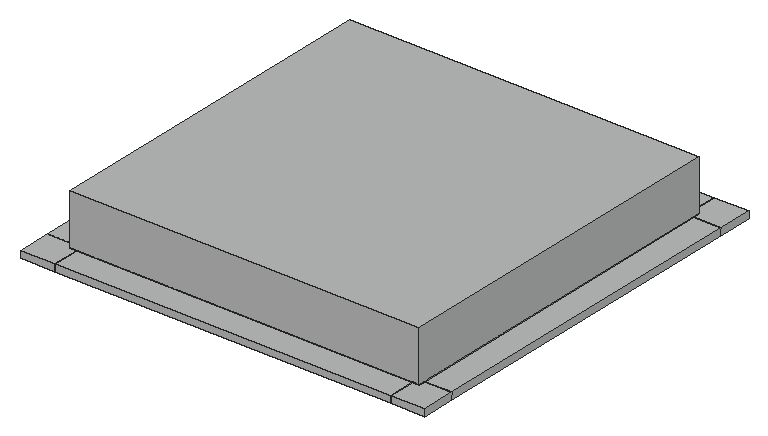
Revit family "ALUMOGIPS", category Осветительные приборы, Revit 2019 (continued)
Types (72, lengths in mm): name | Файл фотометрической сетки | built-in parameter 1150105 | Lumens | built-in parameter 1150106 | built-in parameter 1150142 | Wattage | Emit from Rectangle Width | Emit from Rectangle Length | Длина | Материал светильника | Ширина | ADSK_Ток | ADSK_Полная мощность | ADSK_Обозначение | ADSK_Номинальная мощность | ADSK_Наименование | ADSK_Масса | ADSK_Код изделия
  Alumogips-38/opal-sand 295х1195 (IP54, 4000К, серый) c БАП на 1 час | "Светильник ALUMOGIPS-38 OPAL-SAND-(295x1195).ies" | 302.39 (stored number, unit not read) | 3800 lm | 3.0239 (stored number, unit not read) | "IESNA:LM-63-1995\r\n[TEST] Протокол №334/16 от 03.11.2016г. Испытательная лаборатория Государственного предприятия \"ЦСОТ НАН Беларуси\"\r\n[MORE] FFFFFFFD255B12BA015C13F525FB5F2F2\r\n[DATA] 02.11.2016\r\n[MANUFAC] ЗАО \"Центрстройсвет\"\r\n[LUMCAT] Светильник ALUMOGIPS-38/OPAL-SAND-(295X1195)\r\n[LUMINAIRE] офисное освещение\r\n[LAMP] \r\nTILT=NONE\r\n1    -1.0   1.000 91 181 1 2   .295   1.195   0.04\r\n1.0  1.0   37.90\r\n0.0 2.0 4.0 6.0 8.0 10.0 12.0 14.0 16.0 18.0 20.0 22.0 24.0 26.0 28.0 30.0 32.0 34.0 36.0 38.0 40.0 42.0 44.0 46.0 48.0 50.0 52.0 54.0 56.0 58.0 60.0 62.0 64.0 66.0 68.0 70.0 72.0 74.0 76.0 78.0 80.0 82.0 84.0 86.0 88.0 90.0 92.0 94.0 96.0 98.0 100.0 102.0 104.0 106.0 108.0 110.0 112.0 114.0 116.0 118.0 120.0 122.0 124.0 126.0 128.0 130.0 132.0 134.0 136.0 138.0 140.0 142.0 144.0 146.0 148.0 150.0 152.0 154.0 156.0 158.0 160.0 162.0 164.0 166.0 168.0 170.0 172.0 174.0 176.0 178.0 180.0 \r\n0.0 2.0 4.0 6.0 8.0 10.0 12.0 14.0 16.0 18.0 20.0 22.0 24.0 26.0 28.0 30.0 32.0 34.0 36.0 38.0 40.0 42.0 44.0 46.0 48.0 50.0 52.0 54.0 56.0 58.0 60.0 62.0 64.0 66.0 68.0 70.0 72.0 74.0 76.0 78.0 80.0 82.0 84.0 86.0 88.0 90.0 92.0 94.0 96.0 98.0 100.0 102.0 104.0 106.0 108.0 110.0 112.0 114.0 116.0 118.0 120.0 122.0 124.0 126.0 128.0 130.0 132.0 134.0 136.0 138.0 140.0 142.0 144.0 146.0 148.0 150.0 152.0 154.0 156.0 158.0 160.0 162.0 164.0 166.0 168.0 170.0 172.0 174.0 176.0 178.0 180.0 182.0 184.0 186.0 188.0 190.0 192.0 194.0 196.0 198.0 200.0 202.0 204.0 206.0 208.0 210.0 212.0 214.0 216.0 218.0 220.0 222.0 224.0 226.0 228.0 230.0 232.0 234.0 236.0 238.0 240.0 242.0 244.0 246.0 248.0 250.0 252.0 254.0 256.0 258.0 260.0 262.0 264.0 266.0 268.0 270.0 272.0 274.0 276.0 278.0 280.0 282.0 284.0 286.0 288.0 290.0 292.0 294.0 296.0 298.0 300.0 302.0 304.0 306.0 308.0 310.0 312.0 314.0 316.0 318.0 320.0 322.0 324.0 326.0 328.0 330.0 332.0 334.0 336.0 338.0 340.0 342.0 344.0 346.0 348.0 350.0 352.0 354.0 356.0 358.0 360.0 \r\n1417.637 1416.354 1411.816 1405.303 1395.733 1384.288 1370.276 1353.307 1334.658 1313.741 1290.456 1264.901 1237.669 1208.563 1177.582 1144.923 1111.476 1076.252 \r\n1039.646 1001.857 963.476 923.417 883.260 842.018 801.072 758.644 716.317 673.693 630.576 587.064 543.749 500.435 457.614 414.891 371.972 330.137 289.191 248.836 209.765 171.778 \r\n133.693 99.653 67.389 36.901 9.077 0.592 0.592 0.592 0.493 0.493 0.493 0.493 0.493 0.493 0.493 0.493 0.395 0.395 0.395 0.395 0.395 0.395 0.395 0.296 0.296 0.296 0.296 0.296 0.296 0.296 0.296 0.197 \r\n0.197 0.197 0.197 0.197 0.197 0.197 0.197 0.098 0.098 0.098 0.098 0.098 0.098 0.098 0.098 0.000 0.000 0.000 0.000 \r\n1417.637 1416.453 1411.914 1405.402 1395.930 1384.583 1370.671 1353.701 1335.053 1314.234 1290.850 1265.395 1238.261 1209.155 1178.075 1145.515 1112.067 1076.844 \r\n1040.239 1002.548 964.167 924.207 883.951 842.708 801.762 759.336 717.008 674.383 631.267 587.755 544.441 501.126 458.206 415.385 372.465 330.631 289.585 249.231 210.160 172.172 \r\n134.088 99.949 67.685 37.198 9.275 0.592 0.592 0.592 0.493 0.493 0.493 0.493 0.493 0.493 0.493 0.493 0.395 0.395 0.395 0.395 0.395 0.395 0.395 0.296 0.296 0.296 0.296 0.296 0.296 0.296 0.296 0.197 \r\n0.197 0.197 0.197 0.197 0.197 0.197 0.197 0.098 0.098 0.098 0.098 0.098 0.098 0.098 0.098 0.000 0.000 0.000 0.000 \r\n1417.637 1416.453 1412.013 1405.600 1396.226 1384.781 1370.968 1354.095 1335.448 1314.629 1291.344 1265.888 1238.754 1209.648 1178.667 1146.206 1112.758 1077.534 \r\n1040.929 1003.140 964.857 924.898 884.740 843.400 802.453 760.026 717.698 674.976 631.859 588.446 545.032 501.718 458.798 415.977 373.057 331.124 290.079 249.625 210.553 172.567 \r\n134.383 100.245 67.883 37.394 9.472 0.592 0.592 0.592 0.493 0.493 0.493 0.493 0.493 0.493 0.493 0.493 0.395 0.395 0.395 0.395 0.395 0.395 0.395 0.296 0.296 0.296 0.296 0.296 0.296 0.296 0.296 0.197 \r\n0.197 0.197 0.197 0.197 0.197 0.197 0.197 0.098 0.098 0.098 0.098 0.098 0.098 0.098 0.098 0.000 0.000 0.000 0.000 \r\n1417.637 1416.551 1412.111 1405.796 1396.423 1385.077 1371.264 1354.391 1335.842 1315.024 1291.837 1266.382 1239.248 1210.240 1179.259 1146.798 1113.350 1078.126 \r\n1041.620 1003.831 965.548 925.588 885.431 844.090 803.143 760.717 718.389 675.666 632.549 589.038 545.723 502.310 459.390 416.569 373.550 331.617 290.474 250.119 210.948 172.863 \r\n134.679 100.541 68.178 37.591 9.669 0.592 0.592 0.592 0.493 0.493 0.493 0.493 0.493 0.493 0.493 0.493 0.395 0.395 0.395 0.395 0.395 0.395 0.395 0.296 0.296 0.296 0.296 0.296 0.296 0.296 0.296 0.197 \r\n0.197 0.197 0.197 0.197 0.197 0.197 0.197 0.098 0.098 0.098 0.098 0.098 0.098 0.098 0.098 0.000 0.000 0.000 0.000 \r\n1417.637 1416.551 1412.309 1405.895 1396.621 1385.373 1371.559 1354.786 1336.237 1315.419 1292.232 1266.875 1239.742 1210.733 1179.851 1147.390 1113.942 1078.816 \r\n1042.310 1004.521 966.238 926.279 886.121 844.879 803.834 761.408 719.080 676.357 633.240 589.728 546.315 502.902 459.982 417.062 374.043 332.110 290.967 250.513 211.343 173.258 \r\n135.074 100.837 68.376 37.888 9.965 0.592 0.592 0.592 0.493 0.493 0.493 0.493 0.493 0.493 0.493 0.493 0.395 0.395 0.395 0.395 0.395 0.395 0.395 0.296 0.296 0.296 0.296 0.296 0.296 0.296 0.296 0.197 \r\n0.197 0.197 0.197 0.197 0.197 0.197 0.197 0.098 0.098 0.098 0.098 0.098 0.098 0.098 0.098 0.000 0.000 0.000 0.000 \r\n1417.637 1416.650 1412.407 1406.093 1396.917 1385.669 1371.954 1355.181 1336.632 1315.912 1292.725 1267.368 1240.334 1211.325 1180.443 1147.982 1114.633 1079.409 \r\n1042.903 1005.212 966.929 926.969 886.812 845.569 804.524 762.098 719.770 677.048 633.832 590.320 546.907 503.494 460.574 417.654 374.636 332.603 291.460 250.908 211.738 173.653 \r\n135.371 101.133 68.671 38.086 10.163 0.592 0.592 0.592 0.493 0.493 0.493 0.493 0.493 0.493 0.493 0.493 0.395 0.395 0.395 0.395 0.395 0.395 0.395 0.296 0.296 0.296 0.296 0.296 0.296 0.296 0.296 0.197 \r\n0.197 0.197 0.197 0.197 0.197 0.197 0.197 0.098 0.098 0.098 0.098 0.098 0.098 0.098 0.098 0.000 0.000 0.000 0.000 \r\n1417.637 1416.650 1412.506 1406.191 1397.114 1385.866 1372.250 1355.576 1337.027 1316.307 1293.218 1267.861 1240.827 1211.918 1181.035 1148.672 1115.225 1080.099 \r\n1043.593 1005.902 967.620 927.660 887.503 846.260 805.215 762.789 720.461 677.739 634.523 591.011 547.598 504.086 461.166 418.247 375.129 333.098 291.855 251.401 212.132 173.948 \r\n135.666 101.429 68.968 38.381 10.360 0.592 0.592 0.592 0.493 0.493 0.493 0.493 0.493 0.493 0.493 0.493 0.395 0.395 0.395 0.395 0.395 0.395 0.395 0.296 0.296 0.296 0.296 0.296 0.296 0.296 0.296 0.197 \r\n0.197 0.197 0.197 0.197 0.197 0.197 0.197 0.098 0.098 0.098 0.098 0.098 0.098 0.098 0.098 0.000 0.000 0.000 0.000 \r\n1417.637 1416.650 1412.604 1406.389 1397.311 1386.162 1372.546 1355.871 1337.421 1316.701 1293.613 1268.355 1241.320 1212.411 1181.627 1149.265 1115.816 1080.691 \r\n1044.284 1006.593 968.212 928.351 888.194 846.951 805.906 763.479 721.151 678.429 635.213 591.702 548.190 504.777 461.758 418.740 375.721 333.591 292.348 251.796 212.527 174.343 \r\n135.962 101.627 69.165 38.579 10.557 0.592 0.592 0.592 0.493 0.493 0.493 0.493 0.493 0.493 0.493 0.395 0.395 0.395 0.395 0.395 0.395 0.395 0.395 0.296 0.296 0.296 0.296 0.296 0.296 0.296 0.296 0.197 \r\n0.197 0.197 0.197 0.197 0.197 0.197 0.197 0.098 0.098 0.098 0.098 0.098 0.098 0.098 0.098 0.000 0.000 0.000 0.000 \r\n1417.637 1416.749 1412.704 1406.586 1397.607 1386.458 1372.941 1356.266 1337.815 1317.095 1294.106 1268.848 1241.813 1213.003 1182.219 1149.856 1116.409 1081.382 \r\n1044.876 1007.283 968.902 929.042 888.885 847.642 806.597 764.170 721.843 679.120 635.806 592.293 548.881 505.368 462.351 419.332 376.214 334.084 292.841 252.191 212.922 174.738 \r\n136.357 101.922 69.461 38.776 10.853 0.592 0.592 0.592 0.493 0.493 0.493 0.493 0.493 0.493 0.493 0.395 0.395 0.395 0.395 0.395 0.395 0.395 0.395 0.296 0.296 0.296 0.296 0.296 0.296 0.296 0.296 0.197 \r\n0.197 0.197 0.197 0.197 0.197 0.197 0.197 0.098 0.098 0.098 0.098 0.098 0.098 0.098 0.098 0.000 0.000 0.000 0.000 \r\n1417.637 1416.749 1412.802 1406.684 1397.805 1386.754 1373.237 1356.661 1338.210 1317.589 1294.599 1269.341 1242.406 1213.496 1182.811 1150.448 1117.099 1081.974 \r\n1045.566 1007.974 969.593 929.732 889.575 848.333 807.287 764.861 722.533 679.712 636.496 592.985 549.472 505.960 462.942 419.825 376.707 334.577 293.236 252.684 213.317 175.034 \r\n136.652 102.218 69.659 39.072 11.051 0.592 0.592 0.592 0.493 0.493 0.493 0.493 0.493 0.493 0.493 0.395 0.395 0.395 0.395 0.395 0.395 0.395 0.395 0.296 0.296 0.296 0.296 0.296 0.296 0.296 0.296 0.197 \r\n0.197 0.197 0.197 0.197 0.197 0.197 0.197 0.098 0.098 0.098 0.098 0.098 0.098 0.098 0.098 0.000 0.000 0.000 0.000 \r\n1417.637 1416.848 1412.901 1406.882 1398.002 1387.051 1373.533 1356.957 1338.605 1317.983 1294.994 1269.834 1242.899 1214.089 1183.403 1151.041 1117.692 1082.665 \r\n1046.257 1008.566 970.284 930.423 890.266 849.121 807.978 765.552 723.224 680.403 637.187 593.675 550.163 506.553 463.534 420.416 377.300 335.071 293.729 253.079 213.712 175.429 \r\n136.949 102.515 69.954 39.269 11.248 0.592 0.592 0.592 0.493 0.493 0.493 0.493 0.493 0.493 0.493 0.395 0.395 0.395 0.395 0.395 0.395 0.395 0.395 0.296 0.296 0.296 0.296 0.296 0.296 0.296 0.296 0.197 \r\n0.197 0.197 0.197 0.197 0.197 0.197 0.197 0.098 0.098 0.098 0.098 0.098 0.098 0.098 0.098 0.000 0.000 0.000 0.000 \r\n1417.637 1416.848 1412.999 1407.079 1398.298 1387.247 1373.829 1357.352 1339.000 1318.378 1295.488 1270.327 1243.392 1214.680 1183.995 1151.731 1118.283 1083.257 \r\n1046.849 1009.257 970.975 931.113 891.055 849.813 808.668 766.242 723.914 681.093 637.779 594.266 550.755 507.145 464.126 421.009 377.793 335.564 294.222 253.474 214.105 175.823 \r\n137.343 102.810 70.250 39.467 11.445 0.592 0.592 0.592 0.493 0.493 0.493 0.493 0.493 0.493 0.493 0.395 0.395 0.395 0.395 0.395 0.395 0.395 0.395 0.296 0.296 0.296 0.296 0.296 0.296 0.296 0.296 0.197 \r\n0.197 0.197 0.197 0.197 0.197 0.197 0.197 0.098 0.098 0.098 0.098 0.098 0.098 0.098 0.098 0.000 0.000 0.000 0.000 \r\n1417.637 1416.946 1413.098 1407.178 1398.495 1387.544 1374.223 1357.747 1339.395 1318.773 1295.882 1270.822 1243.886 1215.174 1184.587 1152.323 1118.974 1083.848 \r\n1047.540 1009.947 971.665 931.903 891.746 850.503 809.359 766.933 724.507 681.784 638.470 594.958 551.445 507.836 464.718 421.502 378.287 336.057 294.617 253.967 214.500 176.119 \r\n137.640 103.106 70.447 39.762 11.741 0.592 0.592 0.592 0.493 0.493 0.493 0.493 0.493 0.493 0.493 0.395 0.395 0.395 0.395 0.395 0.395 0.395 0.395 0.296 0.296 0.296 0.296 0.296 0.296 0.296 0.296 0.197 \r\n0.197 0.197 0.197 0.197 0.197 0.197 0.197 0.098 0.098 0.098 0.098 0.098 0.098 0.098 0.098 0.000 0.000 0.000 0.000 \r\n1417.637 1416.946 1413.197 1407.376 1398.693 1387.839 1374.520 1358.042 1339.789 1319.168 1296.376 1271.315 1244.477 1215.765 1185.179 1152.915 1119.566 1084.539 \r\n1048.230 1010.638 972.356 932.594 892.436 851.194 810.050 767.623 725.197 682.474 639.160 595.649 552.038 508.427 465.310 422.094 378.878 336.550 295.111 254.362 214.895 176.514 \r\n137.935 103.403 70.744 39.960 11.939 0.592 0.592 0.592 0.493 0.493 0.493 0.493 0.493 0.493 0.493 0.395 0.395 0.395 0.395 0.395 0.395 0.395 0.395 0.296 0.296 0.296 0.296 0.296 0.296 0.296 0.296 0.197 \r\n0.197 0.197 0.197 0.197 0.197 0.197 0.197 0.098 0.098 0.098 0.098 0.098 0.098 0.098 0.098 0.000 0.000 0.000 0.000 \r\n1417.637 1417.044 1413.295 1407.474 1398.890 1388.135 1374.815 1358.437 1340.184 1319.661 1296.869 1271.808 1244.971 1216.258 1185.673 1153.507 1120.158 1085.131 \r\n1048.823 1011.329 973.046 933.284 893.127 851.884 810.741 768.314 725.888 683.165 639.752 596.240 552.728 509.019 465.902 422.686 379.371 337.044 295.505 254.757 215.388 176.909 \r\n138.232 103.698 70.942 40.157 12.136 0.592 0.592 0.592 0.493 0.493 0.493 0.493 0.493 0.493 0.493 0.395 0.395 0.395 0.395 0.395 0.395 0.395 0.395 0.296 0.296 0.296 0.296 0.296 0.296 0.296 0.296 0.197 \r\n0.197 0.197 0.197 0.197 0.197 0.197 0.197 0.098 0.098 0.098 0.098 0.098 0.098 0.098 0.098 0.000 0.000 0.000 0.000 \r\n1417.637 1417.044 1413.394 1407.671 1399.187 1388.333 1375.111 1358.832 1340.578 1320.056 1297.264 1272.301 1245.464 1216.851 1186.264 1154.099 1120.849 1085.822 \r\n1049.513 1012.020 973.737 933.975 893.818 852.575 811.432 769.004 726.578 683.855 640.443 596.930 553.321 509.611 466.494 423.180 379.964 337.537 295.999 255.250 215.783 177.304 \r\n138.626 103.994 71.237 40.453 12.333 0.592 0.592 0.592 0.493 0.493 0.493 0.493 0.493 0.493 0.493 0.395 0.395 0.395 0.395 0.395 0.395 0.395 0.395 0.296 0.296 0.296 0.296 0.296 0.296 0.296 0.296 0.197 \r\n0.197 0.197 0.197 0.197 0.197 0.197 0.197 0.098 0.098 0.098 0.098 0.098 0.098 0.098 0.098 0.000 0.000 0.000 0.000 \r\n1417.637 1417.143 1413.492 1407.869 1399.383 1388.629 1375.506 1359.226 1340.973 1320.451 1297.757 1272.795 1246.056 1217.443 1186.856 1154.790 1121.441 1086.414 \r\n1050.204 1012.711 974.428 934.665 894.508 853.365 812.122 769.695 727.269 684.448 641.134 597.523 554.011 510.203 467.086 423.772 380.457 338.031 296.492 255.645 216.178 177.599 \r\n138.922 104.291 71.533 40.650 12.629 0.592 0.592 0.592 0.493 0.493 0.493 0.493 0.493 0.493 0.493 0.395 0.395 0.395 0.395 0.395 0.395 0.395 0.395 0.296 0.296 0.296 0.296 0.296 0.296 0.296 0.296 0.197 \r\n0.197 0.197 0.197 0.197 0.197 0.197 0.197 0.098 0.098 0.098 0.098 0.098 0.098 0.098 0.098 0.000 0.000 0.000 0.000 \r\n1417.637 1417.143 1413.592 1407.967 1399.580 1388.925 1375.803 1359.523 1341.367 1320.845 1298.250 1273.288 1246.550 1217.936 1187.448 1155.382 1122.032 1087.105 \r\n1050.894 1013.401 975.119 935.356 895.199 854.055 812.813 770.386 727.959 685.138 641.725 598.213 554.603 510.795 467.678 424.265 380.951 338.524 296.887 256.038 216.573 177.994 \r\n139.218 104.586 71.730 40.848 12.826 0.592 0.592 0.493 0.493 0.493 0.493 0.493 0.493 0.493 0.493 0.395 0.395 0.395 0.395 0.395 0.395 0.395 0.395 0.296 0.296 0.296 0.296 0.296 0.296 0.296 0.296 0.197 \r\n0.197 0.197 0.197 0.197 0.197 0.197 0.197 0.098 0.098 0.098 0.098 0.098 0.098 0.098 0.098 0.000 0.000 0.000 0.000 \r\n1417.637 1417.242 1413.690 1408.165 1399.877 1389.220 1376.098 1359.917 1341.762 1321.339 1298.645 1273.781 1247.043 1218.528 1188.041 1155.974 1122.723 1087.697 \r\n1051.487 1013.993 975.810 936.046 895.889 854.746 813.503 771.077 728.650 685.829 642.416 598.904 555.294 511.486 468.270 424.857 381.542 339.018 297.380 256.533 216.967 178.389 \r\n139.613 104.882 72.026 41.143 13.024 0.592 0.592 0.493 0.493 0.493 0.493 0.493 0.493 0.493 0.493 0.395 0.395 0.395 0.395 0.395 0.395 0.395 0.395 0.296 0.296 0.296 0.296 0.296 0.296 0.296 0.296 0.197 \r\n0.197 0.197 0.197 0.197 0.197 0.197 0.197 0.098 0.098 0.098 0.098 0.098 0.098 0.098 0.098 0.000 0.000 0.000 0.000 \r\n1417.637 1417.242 1413.789 1408.362 1400.075 1389.517 1376.394 1360.311 1342.157 1321.733 1299.138 1274.274 1247.536 1219.022 1188.632 1156.566 1123.315 1088.388 \r\n1052.177 1014.684 976.500 936.738 896.581 855.436 814.194 771.768 729.341 686.519 643.107 599.496 555.885 512.078 468.862 425.449 382.035 339.511 297.873 256.926 217.362 178.685 \r\n139.909 105.079 72.223 41.341 13.221 0.592 0.592 0.493 0.493 0.493 0.493 0.493 0.493 0.493 0.493 0.395 0.395 0.395 0.395 0.395 0.395 0.395 0.395 0.296 0.296 0.296 0.296 0.296 0.296 0.296 0.296 0.197 \r\n0.197 0.197 0.197 0.197 0.197 0.197 0.197 0.098 0.098 0.098 0.098 0.098 0.098 0.098 0.098 0.000 0.000 0.000 0.000 \r\n1417.637 1417.341 1413.986 1408.461 1400.271 1389.715 1376.789 1360.608 1342.552 1322.128 1299.632 1274.768 1248.128 1219.614 1189.224 1157.256 1123.907 1088.980 \r\n1052.868 1015.374 977.191 937.428 897.369 856.127 814.884 772.458 730.032 687.211 643.698 600.187 556.577 512.670 469.454 425.942 382.529 340.004 298.268 257.321 217.756 179.080 \r\n140.204 105.376 72.520 41.538 13.517 0.592 0.592 0.493 0.493 0.493 0.493 0.493 0.4
